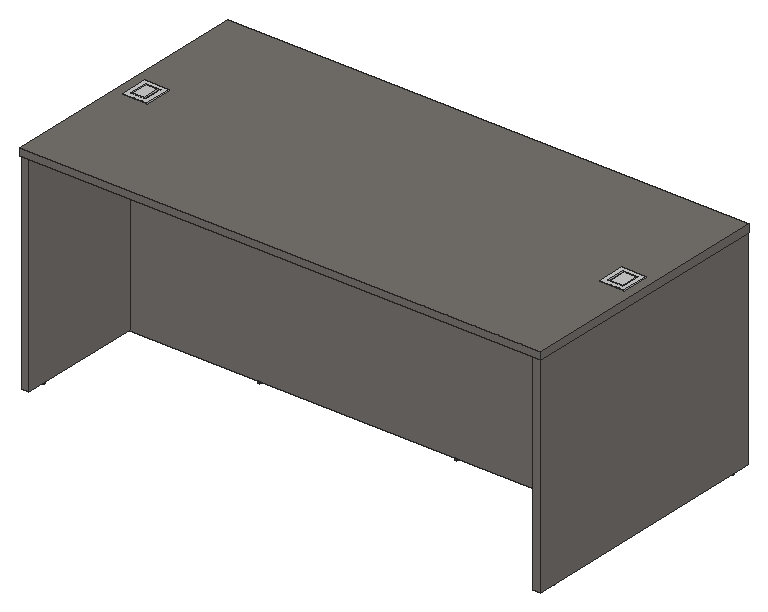
Revit family "revitupgrade", category Furniture, Revit 2019
Family settings
  Work Plane-Based = No
  Always vertical = Yes
  Cut with Voids When Loaded = No
  Shared = No
  Room Calculation Point = No
Parameters (values of type "48D x 40H - Power Cutout")
  Without Through 24'' D = no
  Width = 96.00"
  URL = "https://www.steelcase.com"
  Trough Void = 45.00"
  Top [instance] = Steelcase - 25L6 Blackwood LPL
  Symbol Name = "TS4TLP40A1,TS4TLP40A2,TS4TLP40A3,TS4TLP40A4"
  Style Number(s) = "TS4TLP40"
  Release Date = "April 2018"  # constant formula
  Product Line = "Turnstone"  # constant formula
  Product = "Campfire"  # constant formula
  Power Cutout = yes
  Opaque [instance] = yes
  Manufacturer = "Steelcase"  # constant formula
  With Trough = not(Trough Void = 45.00")  # no
  Height = 40.27"
  End Panel [instance] = Steelcase - 25L6 Blackwood LPL
  Description = ""
  Depth = 48.00"
  Copyright = "© 2010 Steelcase Inc."  # constant formula
  Center Rail = no
  Center Panel Height = 38.29"
  Without Trough 48'' D = yes
  Modesty Panel [instance] = Steelcase - 25L6 Blackwood LPL
  Center Panel Dist = 23.69495"
  AutoCAD Tag = "48/96"
  Authoring Version = "Revit 2016"  # constant formula
  Assembly Code = "E2020200"
Types (10): name | Without Through 24'' D | Trough Void | Symbol Name | Style Number(s) | Power Cutout | With Trough | Height | Depth | Center Rail | Center Panel Height | Without Trough 48'' D | Center Panel Dist | AutoCAD Tag
  48D x 40H - Power Cutout | no | 45.00" | "TS4TLP40A1,TS4TLP40A2,TS4TLP40A3,TS4TLP40A4" | "TS4TLP40" | yes | no | 40.27" | 48.00" | no | 38.29" | yes | 23.69495" | "48/96"
  48D x 28H - Power Cutout | no | 45.00" | "TS4TLP28A1,TS4TLP28A2,TS4TLP28A3,TS4TLP28A4" | "TS4TLP28" | yes | no | 28.00" | 48.00" | no | 26.29" | yes | 23.69495" | "48/96"
  24D x 40H | yes | 45.00" | "TS4TLH40A1,TS4TLH40A2,TS4TLH40A3,TS4TLH40A4" | "TS4TLH40" | no | no | 40.27" | 24.00" | no | 38.55" | no | 0.00" | "24/96"
  24D x 28H | yes | 45.00" | "TS4TLH28A1,TS4TLH28A2,TS4TLH28A3,TS4TLH28A4" | "TS4TLH28" | no | no | 28.00" | 24.00" | no | 26.29" | no | 0.00" | "24/96"
  48D x 28H - Through/Center Rail | no | 23.95" | "TS4TLT28A5,TS4TLT28A6,TS4TLT28A7,TS4TLT28A8" | "TS4TLT28" | yes | yes | 28.00" | 48.00" | yes | 26.29" | no | 23.69495" | "48/96"
  48D x 40H - Through/Center Rail | no | 35.95" | "TS4TLT40A5,TS4TLT40A6,TS4TLT40A7,TS4TLT40A8" | "TS4TLT40" | yes | yes | 40.00" | 48.3899" | yes | 38.29" | no | 23.69495" | "48/96"
  48D x 28H | no | 45.00" | "TS4TL2,TS4TL28A2,TS4TL28A3,TS4TL28A4" | "TS4TL28" | no | no | 28.00" | 48.00" | no | 26.29" | yes | 23.69495" | "48/96"
  48D x 28H - Through | no | 23.95" | "TS4TT2,TS4TLT28A2,TS4TLT28A3,TS4TLT28A4" | "TS4TLT28" | yes | yes | 28.00" | 48.00" | no | 26.29" | no | 23.69495" | "48/96"
  48D x 40H - Through | no | 35.95" | "TS4TT4,TS4TLT40A2,TS4TLT40A3,TS4TLT40A4" | "TS4TLT40" | yes | yes | 40.00" | 48.3899" | no | 38.29" | no | 23.69495" | "48/96"
  48D x 40H | no | 45.00" | "TS4TL4,TS4TL40A2,TS4TL40A3,TS4TL40A4" | "TS4TL40" | no | no | 40.27" | 48.00" | no | 38.56" | yes | 23.69495" | "48/96"
Reference planes (in)
  plane 1 "Center Front/Back": y = 0
  plane 2 "Bottom": z = 0
  plane 3 "Center Left/Right": x = 0
  plane 4: x = 96
  plane 5: z = 40.27
  plane 6: z = 38.8798
  plane 7: z = 0.3189
  plane 8: x = 1.5152
  plane 9: x = 0.125
  plane 10: x = 95.875
  plane 11: x = 94.4848
  plane 12: y = -0.125
  plane 13: y = -47.875
  plane 14: y = -48
  plane 15: y = -23.69495
  plane 16: y = -24.69495
  plane 17: y = -26.657
  plane 18: y = -27.657
  plane 19: y = -27.577
  plane 20: x = 85.4427
  plane 21: x = 73.4427
  plane 22: x = 64.4809
  plane 23: x = 52.4809
  plane 24: x = 43.5191
  plane 25: x = 31.5191
  plane 26: x = 22.5573
  plane 27: x = 10.5573
  plane 28: z = 37.3798
  plane 29: z = 38.7998
  plane 30: y = -21.343
  plane 31: y = -20.343
  plane 32: y = -20.423
  plane 33: z = 40.37
  plane 34: y = -21
  plane 35: y = -27
  plane 36: x = 7.89999
  plane 37: x = 88.10001
  plane 38: x = 7.99999
  plane 39: y = -26.98
  plane 40: y = -21.02
  plane 41: z = 39.97
  plane 42: z = 38.6089
  plane 43: z = 35.95
  plane 44: z = 36.065
  plane 45: z = 38.7598
  plane 46: y = -2.5
Forms (in)
  Extrusion 1, solid, material "Steelcase - 25L6 Blackwood LPL" <- "Top"
    sketch origin (0, 0, 0) x (1, 0, 0) y (0, 1, 0)
      loop
        line (0, -0.125) -> (0, -48) -> (96, -48) -> (96, -0.125) -> (0, -0.125)
    from 38.8798 to 40.27
  Extrusion 2, solid, material "Steelcase - 25L6 Blackwood LPL" <- "End Panel"
    sketch origin (0, 0, 0) x (1, 0, 0) y (0, 0, 1)
      loop
        line (0.125, 38.8798) -> (0.125, 0.3189) -> (1.5152, 0.3189) -> (1.5152, 38.8798) -> (0.125, 38.8798)
      loop
        line (94.4848, 38.8798) -> (94.4848, 0.3189) -> (95.875, 0.3189) -> (95.875, 38.8798) -> (94.4848, 38.8798)
    from 0 to 47.875
  Extrusion 3, solid, material "Steelcase - 6205 Black"
    sketch origin (0, 0, 0) x (1, 0, 0) y (0, 1, 0)
      loop
        line (1.01755, -2.625) -> (0.62255, -2.625) -> (0.2427, -3.125) -> (0.62255, -3.625) -> (1.01755, -3.625) -> (1.3974, -3.125) -> (1.01755, -2.625)
      loop
        line (1.01755, -43.62513) -> (0.62255, -43.62513) -> (0.2427, -44.12513) -> (0.62255, -44.62513) -> (1.01755, -44.62513) -> (1.3974, -44.12513) -> (1.01755, -43.62513)
      loop
        line (95.37745, -2.625) -> (94.98245, -2.625) -> (94.6026, -3.125) -> (94.98245, -3.625) -> (95.37745, -3.625) -> (95.7573, -3.125) -> (95.37745, -2.625)
      loop
        line (95.37745, -43.87487) -> (94.98245, -43.87487) -> (94.6026, -44.37487) -> (94.98245, -44.87487) -> (95.37745, -44.87487) -> (95.7573, -44.37487) -> (95.37745, -43.87487)
      loop
        line (25.55266, -23.69495) -> (25.19554, -23.69495) -> (24.79675, -24.21989) -> (25.15766, -24.69495) -> (25.59054, -24.69495) -> (25.95145, -24.21989) -> (25.55266, -23.69495)
      loop
        line (61.48554, -23.69495) -> (61.08675, -24.21989) -> (61.44766, -24.69495) -> (61.88054, -24.69495) -> (62.24145, -24.21989) -> (61.84266, -23.69495) -> (61.48554, -23.69495)
    from 0 to 0.32
  Extrusion 4, solid, material "Steelcase - 4799 Platinum Metallic", visible <- "Without Trough 48'' D"
    sketch origin (0, 0, 0) x (1, 0, 0) y (0, 0, 1)
      loop
        line (10.5573, 37.3798) -> (22.5573, 37.3798) -> (22.5573, 38.8798) -> (10.5573, 38.8798) -> (10.5573, 37.3798)
      loop
        line (31.5191, 37.3798) -> (43.5191, 37.3798) -> (43.5191, 38.8798) -> (31.5191, 38.8798) -> (31.5191, 37.3798)
      loop
        line (52.4809, 37.3798) -> (64.4809, 37.3798) -> (64.4809, 38.8798) -> (52.4809, 38.8798) -> (52.4809, 37.3798)
      loop
        line (73.4427, 37.3798) -> (85.4427, 37.3798) -> (85.4427, 38.8798) -> (73.4427, 38.8798) -> (73.4427, 37.3798)
    from 27.577 to 27.657
  Extrusion 5, solid, material "Steelcase - 4799 Platinum Metallic", visible <- "Without Trough 48'' D"
    sketch origin (0, 0, 0) x (1, 0, 0) y (0, 1, 0)
      loop
        line (10.5573, -26.657) -> (10.5573, -27.577) -> (22.5573, -27.577) -> (22.5573, -26.657) -> (10.5573, -26.657)
      loop
        line (31.5191, -26.657) -> (31.5191, -27.577) -> (43.5191, -27.577) -> (43.5191, -26.657) -> (31.5191, -26.657)
      loop
        line (52.4809, -26.657) -> (52.4809, -27.577) -> (64.4809, -27.577) -> (64.4809, -26.657) -> (52.4809, -26.657)
      loop
        line (73.4427, -26.657) -> (73.4427, -27.577) -> (85.4427, -27.577) -> (85.4427, -26.657) -> (73.4427, -26.657)
    from 38.7998 to 38.8798
  Extrusion 6, solid, material "Steelcase - 4799 Platinum Metallic", visible <- "Without Trough 48'' D"
    sketch origin (0, -48, 0) x (1, 0, 0) y (0, 1, 0)
      loop
        line (10.5573, 26.657) -> (22.5573, 26.657) -> (22.5573, 27.577) -> (10.5573, 27.577) -> (10.5573, 26.657)
      loop
        line (31.5191, 26.657) -> (43.5191, 26.657) -> (43.5191, 27.577) -> (31.5191, 27.577) -> (31.5191, 26.657)
      loop
        line (52.4809, 26.657) -> (64.4809, 26.657) -> (64.4809, 27.577) -> (52.4809, 27.577) -> (52.4809, 26.657)
      loop
        line (73.4427, 26.657) -> (85.4427, 26.657) -> (85.4427, 27.577) -> (73.4427, 27.577) -> (73.4427, 26.657)
    from 38.7998 to 38.8798
  Extrusion 7, solid, material "Steelcase - 4799 Platinum Metallic", visible <- "Without Trough 48'' D"
    sketch origin (0, -47.99716, -4.5) x (1, 0, 0) y (0, 0, -1)
      loop
        line (10.5573, -41.8798) -> (10.5573, -43.3798) -> (22.5573, -43.3798) -> (22.5573, -41.8798) -> (10.5573, -41.8798)
      loop
        line (31.5191, -41.8798) -> (31.5191, -43.3798) -> (43.5191, -43.3798) -> (43.5191, -41.8798) -> (31.5191, -41.8798)
      loop
        line (52.4809, -41.8798) -> (52.4809, -43.3798) -> (64.4809, -43.3798) -> (64.4809, -41.8798) -> (52.4809, -41.8798)
      loop
        line (73.4427, -41.8798) -> (73.4427, -43.3798) -> (85.4427, -43.3798) -> (85.4427, -41.8798) -> (73.4427, -41.8798)
    from 27.57416 to 27.65416
  Extrusion 8, void, detail levels fine
    sketch origin (0, 0, 0) x (1, 0, 0) y (0, 1, 0)
      loop
        line (0, -21) -> (0, -27) -> (96, -27) -> (96, -21) -> (0, -21)
    from 45 <- "Trough Void" to 40.27
  Extrusion 9, solid, material "Steelcase - 4799 Platinum Metallic", visible <- "With Trough"
    sketch origin (88.10001, -20.02, 48) x (0, -1, 0) y (0, 0, 1)
      loop
        line (-1.02, -12.05) -> (8.98, -12.05) -> (8.98, -9.2402) -> (9.98, -9.2402) -> (9.98, -9.1202) -> (8.865, -9.1202) -> (8.865, -11.935) -> (-0.905, -11.935) -> (-0.905, -9.1202) -> (-2.02, -9.1202) -> (-2.02, -9.2402) -> (-1.02, -9.2402) -> (-1.02, -12.05)
    from 0 to 80.20001
  Extrusion 10, solid, material "Steelcase - 8043 Clear Anodized Aluminum", visible <- "With Trough"
    sketch origin (0, 0, 0) x (1, 0, 0) y (0, 1, 0)
      loop
        line (0, -21.02) -> (0, -26.98) -> (7.99999, -26.98) -> (7.99999, -21.02) -> (0, -21.02)
      loop
        line (1.8, -21.5) -> (1.8, -26.5) -> (6.22, -26.5) -> (6.22, -21.5) -> (1.8, -21.5)
      loop
        line (96, -21.02) -> (88.00001, -21.02) -> (88.00001, -26.98) -> (96, -26.98) -> (96, -21.02)
      loop
        line (94.2, -21.5) -> (89.78, -21.5) -> (89.78, -26.5) -> (94.2, -26.5) -> (94.2, -21.5)
    from 38.8798 to 40.27
  Extrusion 11, solid, material "Steelcase - 8043 Clear Anodized Aluminum", visible <- "Power Cutout"
    sketch origin (0, 0, 0) x (1, 0, 0) y (0, 1, 0)
      loop
        line (1.8, -21.5) -> (1.8, -26.5) -> (6.22, -26.5) -> (6.22, -21.5) -> (1.8, -21.5)
      loop
        line (2.60001, -22.3) -> (2.60001, -25.7) -> (5.41999, -25.7) -> (5.41999, -22.3) -> (2.60001, -22.3)
      loop
        line (2.74999, -22.35) -> (2.74999, -25.65) -> (4.92, -25.65) -> (4.92, -22.35) -> (2.74999, -22.35)
      loop
        line (94.19999, -21.5) -> (89.77999, -21.5) -> (89.77999, -26.5) -> (94.19999, -26.5) -> (94.19999, -21.5)
      loop
        line (93.39998, -22.3) -> (90.58, -22.3) -> (90.58, -25.7) -> (93.39998, -25.7) -> (93.39998, -22.3)
      loop
        line (93.25, -22.35) -> (91.07999, -22.35) -> (91.07999, -25.65) -> (93.25, -25.65) -> (93.25, -22.35)
    from 39.97 to 40.37
  Extrusion 12, solid, material "Steelcase - 25L6 Blackwood LPL" <- "Modesty Panel"
    sketch origin (0, 0, 0) x (1, 0, 0) y (0, 1, 0)
      loop
        line (1.5152, -23.69495) -> (1.5152, -24.69495) -> (94.4848, -24.69495) -> (94.4848, -23.69495) -> (1.5152, -23.69495)
    from 0.3189 to 38.6089
  Extrusion 13, solid, material "Steelcase - 8043 Clear Anodized Aluminum", visible <- "With Trough"
    sketch origin (0, 0, 0) x (1, 0, 0) y (0, 1, 0)
      loop
        line (7.89999, -21.02) -> (7.89999, -26.98) -> (7.99999, -26.98) -> (7.99999, -21.02) -> (7.89999, -21.02)
      loop
        line (88.00001, -21) -> (88.00001, -27) -> (88.10001, -27) -> (88.10001, -21) -> (88.00001, -21)
    from 35.95 to 38.8798
  Extrusion 14, solid, material "Steelcase - 4799 Platinum Metallic", visible <- "Without Through 24'' D"
    sketch origin (0, 0, 0) x (1, 0, 0) y (0, 1, 0)
      loop
        line (10.5573, -2.5) -> (10.5573, -3.5499) -> (22.5573, -3.5499) -> (22.5573, -2.5) -> (10.5573, -2.5)
    from 38.7998 to 38.8798
  Extrusion 15, solid, material "Steelcase - 4799 Platinum Metallic", visible <- "Without Through 24'' D"
    sketch origin (0, 0, 0) x (0, 1, 0) y (0, 0, 1)
      loop
        line (-3.5499, 38.8798) -> (-3.60399, 38.8798) -> (-3.60399, 37.3798) -> (-3.5499, 37.3798) -> (-3.5499, 38.8798)
    from 10.5573 to 22.5573
  Extrusion 16, solid, material "Steelcase - 4799 Platinum Metallic", visible <- "Without Through 24'' D"
    sketch origin (20.9618, 0, 0) x (1, 0, 0) y (0, 1, 0)
      loop
        line (10.5573, -2.5) -> (10.5573, -3.5499) -> (22.5573, -3.5499) -> (22.5573, -2.5) -> (10.5573, -2.5)
    from 38.7998 to 38.6089
  Extrusion 17, solid, material "Steelcase - 4799 Platinum Metallic", visible <- "Without Through 24'' D"
    sketch origin (41.9236, 0, 0) x (1, 0, 0) y (0, 1, 0)
      loop
        line (10.5573, -2.5) -> (10.5573, -3.5499) -> (22.5573, -3.5499) -> (22.5573, -2.5) -> (10.5573, -2.5)
    from 38.7998 to 38.6089
  Extrusion 18, solid, material "Steelcase - 4799 Platinum Metallic", visible <- "Without Through 24'' D"
    sketch origin (62.8854, 0, 0) x (1, 0, 0) y (0, 1, 0)
      loop
        line (10.5573, -2.5) -> (10.5573, -3.5499) -> (22.5573, -3.5499) -> (22.5573, -2.5) -> (10.5573, -2.5)
    from 38.7998 to 38.6089
  Extrusion 19, solid, material "Steelcase - 4799 Platinum Metallic", visible <- "Without Through 24'' D"
    sketch origin (0, 0, 0) x (0, 1, 0) y (0, 0, 1)
      loop
        line (-3.5499, 38.8798) -> (-3.60399, 38.8798) -> (-3.60399, 37.3798) -> (-3.5499, 37.3798) -> (-3.5499, 38.8798)
    from 31.5191 to 43.5191
  Extrusion 20, solid, material "Steelcase - 4799 Platinum Metallic", visible <- "Without Through 24'' D"
    sketch origin (0, 0, 0) x (0, 1, 0) y (0, 0, 1)
      loop
        line (-3.5499, 38.8798) -> (-3.60399, 38.8798) -> (-3.60399, 37.3798) -> (-3.5499, 37.3798) -> (-3.5499, 38.8798)
    from 52.4809 to 64.4809
  Extrusion 21, solid, material "Steelcase - 4799 Platinum Metallic", visible <- "Without Through 24'' D"
    sketch origin (0, 0, 0) x (0, 1, 0) y (0, 0, 1)
      loop
        line (-3.5499, 38.8798) -> (-3.60399, 38.8798) -> (-3.60399, 37.3798) -> (-3.5499, 37.3798) -> (-3.5499, 38.8798)
    from 73.4427 to 85.4427
Cuts and joins
  Extrusion 8 cuts Extrusion 3
  Extrusion 8 cuts Extrusion 1
  joined: Extrusion 10, Extrusion 13
  Extrusion 8 cuts Extrusion 12
Lines and regions (in)
  Masking region 1, visible <- "Opaque"
    outline origin (0, 0, 0) x (1, 0, 0) y (0, 1, 0)
      loop
        line (96, 0) -> (0, 0) -> (0, -48) -> (96, -48) -> (96, 0)
  symbolic lines, style "Steelcase Hidden Lines", detail levels medium+fine
    curve 1: line (1.5152, -0.125, 0) -> (1.5152, -47.875, 0)
    curve 2: line (0.125, -47.875, 0) -> (0.125, -0.125, 0)
    curve 3: line (0.125, -0.125, 0) -> (1.5152, -0.125, 0)
    curve 4: line (1.5152, -47.875, 0) -> (0.125, -47.875, 0)
    curve 5: line (94.4848, 0, 0) -> (1.5152, 0, 0)
    curve 6: line (94.4848, -47.875, 0) -> (94.4848, -0.125, 0)
    curve 7: line (95.875, -0.125, 0) -> (95.875, -47.875, 0)
    curve 8: line (95.875, -47.875, 0) -> (94.4848, -47.875, 0)
    curve 9: line (94.4848, -0.125, 0) -> (95.875, -0.125, 0)
  symbolic lines, style "Steelcase Furniture", visible <- "With Trough", detail levels medium+fine
    curve 10: line (0, -21, 0) -> (96, -21, 0)
    curve 11: line (0, -27, 0) -> (96, -27, 0)
    curve 12: line (8, -21.02, 0) -> (0, -21.02, 0)
    curve 13: line (8, -26.98, 0) -> (8, -21.02, 0)
    curve 14: line (0, -26.98, 0) -> (8, -26.98, 0)
    curve 15: line (88, -21.02, 0) -> (88, -26.98, 0)
    curve 16: line (96, -21.02, 0) -> (88, -21.02, 0)
    curve 17: line (88, -26.98, 0) -> (96, -26.98, 0)
  symbolic lines, style "Steelcase Hidden Lines", visible <- "Without Trough 48'' D", detail levels medium+fine
    curve 18: line (31.5191, -27.657, 0) -> (43.5191, -27.657, 0)
    curve 19: line (43.5191, -26.657, 0) -> (31.5191, -26.657, 0)
    curve 20: line (31.5191, -26.657, 0) -> (31.5191, -27.657, 0)
    curve 21: line (43.5191, -27.657, 0) -> (43.5191, -26.657, 0)
    curve 22: line (10.5573, -27.657, 0) -> (22.5573, -27.657, 0)
    curve 23: line (22.5573, -26.657, 0) -> (10.5573, -26.657, 0)
    curve 24: line (10.5573, -26.657, 0) -> (10.5573, -27.657, 0)
    curve 25: line (22.5573, -27.657, 0) -> (22.5573, -26.657, 0)
    curve 26: line (10.5573, -21.343, 0) -> (22.5573, -21.343, 0)
    curve 27: line (22.5573, -20.343, 0) -> (10.5573, -20.343, 0)
    curve 28: line (10.5573, -20.343, 0) -> (10.5573, -21.343, 0)
    curve 29: line (22.5573, -21.343, 0) -> (22.5573, -20.343, 0)
    curve 30: line (31.5191, -21.343, 0) -> (43.5191, -21.343, 0)
    curve 31: line (43.5191, -20.343, 0) -> (31.5191, -20.343, 0)
    curve 32: line (31.5191, -20.343, 0) -> (31.5191, -21.343, 0)
    curve 33: line (43.5191, -21.343, 0) -> (43.5191, -20.343, 0)
    curve 34: line (52.4809, -21.343, 0) -> (64.4809, -21.343, 0)
    curve 35: line (64.4809, -20.343, 0) -> (52.4809, -20.343, 0)
    curve 36: line (52.4809, -20.343, 0) -> (52.4809, -21.343, 0)
    curve 37: line (64.4809, -21.343, 0) -> (64.4809, -20.343, 0)
    curve 38: line (52.4809, -27.657, 0) -> (64.4809, -27.657, 0)
    curve 39: line (64.4809, -26.657, 0) -> (52.4809, -26.657, 0)
    curve 40: line (52.4809, -26.657, 0) -> (52.4809, -27.657, 0)
    curve 41: line (64.4809, -27.657, 0) -> (64.4809, -26.657, 0)
    curve 42: line (73.4427, -21.343, 0) -> (85.4427, -21.343, 0)
    curve 43: line (85.4427, -20.343, 0) -> (73.4427, -20.343, 0)
    curve 44: line (73.4427, -20.343, 0) -> (73.4427, -21.343, 0)
    curve 45: line (85.4427, -21.343, 0) -> (85.4427, -20.343, 0)
    curve 46: line (73.4427, -27.657, 0) -> (85.4427, -27.657, 0)
    curve 47: line (85.4427, -26.657, 0) -> (73.4427, -26.657, 0)
    curve 48: line (73.4427, -26.657, 0) -> (73.4427, -27.657, 0)
    curve 49: line (85.4427, -27.657, 0) -> (85.4427, -26.657, 0)
  symbolic lines, style "Steelcase Furniture"
    curve 50: line (0, 0, 0) -> (96, 0, 0)
    curve 51: line (0, -48, 0) -> (0, 0, 0)
    curve 52: line (96, -48, 0) -> (0, -48, 0)
    curve 53: line (96, 0, 0) -> (96, -48, 0)
  symbolic lines, style "Steelcase Hidden Lines", visible <- "Without Through 24'' D"
    curve 54: line (10.5573, -2.5, 0) -> (10.5573, -3.60399, 0)
    curve 55: line (10.5573, -3.60399, 0) -> (22.5573, -3.60399, 0)
    curve 56: line (22.5573, -2.5, 0) -> (10.5573, -2.5, 0)
    curve 57: line (22.5573, -3.60399, 0) -> (22.5573, -2.5, 0)
    curve 58: line (31.5191, -2.5, 0) -> (31.5191, -3.60399, 0)
    curve 59: line (31.5191, -3.60399, 0) -> (43.5191, -3.60399, 0)
    curve 60: line (43.5191, -2.5, 0) -> (31.5191, -2.5, 0)
    curve 61: line (43.5191, -3.60399, 0) -> (43.5191, -2.5, 0)
    curve 62: line (64.4809, -3.60399, 0) -> (64.4809, -2.5, 0)
    curve 63: line (64.4809, -2.5, 0) -> (52.4809, -2.5, 0)
    curve 64: line (52.4809, -3.60399, 0) -> (64.4809, -3.60399, 0)
    curve 65: line (52.4809, -2.5, 0) -> (52.4809, -3.60399, 0)
    curve 66: line (73.4427, -2.5, 0) -> (73.4427, -3.60399, 0)
    curve 67: line (85.4427, -2.5, 0) -> (73.4427, -2.5, 0)
    curve 68: line (85.4427, -3.60399, 0) -> (85.4427, -2.5, 0)
    curve 69: line (73.4427, -3.60399, 0) -> (85.4427, -3.60399, 0)
  symbolic lines, style "Steelcase Furniture", visible <- "Power Cutout"
    curve 70: line (1.8, -21.5, 0) -> (6.22, -21.5, 0)
    curve 71: line (1.8, -26.5, 0) -> (1.8, -21.5, 0)
    curve 72: line (6.22, -26.5, 0) -> (1.8, -26.5, 0)
    curve 73: line (6.22, -21.5, 0) -> (6.22, -26.5, 0)
    curve 74: line (89.78, -21.5, 0) -> (94.19999, -21.5, 0)
    curve 75: line (89.78, -26.5, 0) -> (89.78, -21.5, 0)
    curve 76: line (94.19999, -26.5, 0) -> (89.78, -26.5, 0)
    curve 77: line (94.19999, -21.5, 0) -> (94.19999, -26.5, 0)
  symbolic lines, style "Steelcase Hidden Lines"
    curve 78: line (94.4848, -24.69495, 0) -> (1.5152, -24.69495, 0)
    curve 79: line (94.4848, -23.69495, 0) -> (94.4848, -24.69495, 0)
    curve 80: line (1.5152, -23.69495, 0) -> (94.4848, -23.69495, 0)
    curve 81: line (1.5152, -24.69495, 0) -> (1.5152, -23.69495, 0)
Dimensions and locks (in)
  plane 3 "Center Left/Right" to plane 9 to plane 8 = 0.125" locked, 1.3902" locked
  plane 11 to plane 10 to plane 4 = 1.3902" locked, 0.125" locked
  locked: plane 12 to plane 1 "Center Front/Back" at 0.125
  locked: plane 14 to plane 13 at 0.125
  plane 30 to plane 32 to plane 31 = 0.92" locked, 0.08" locked
  plane 17 to plane 19 to plane 18 = 0.92" locked, 0.08" locked
  "Center Panel Height": plane 42 to plane 7
  "Height": plane 5 to plane 2 "Bottom"
  locked: plane 7 to plane 2 "Bottom" at 0.3189
  plane 33 to plane 5 to plane 41 to plane 6 to plane 29 to plane 45 to plane 28 to plane 44 to plane 43 = 0.10" locked, 0.30" locked, 1.0902" locked, 0.08" locked, 0.04" locked, 1.38" locked, 1.3148" locked, 0.115"
  "Width": plane 3 "Center Left/Right" to plane 4
  "Depth": plane 14 to plane 1 "Center Front/Back"
  locked: plane 15 to plane 16 at 1
  "Center Panel Dist": plane 1 "Center Front/Back" to plane 15
  plane 46 to plane 1 "Center Front/Back" = 2.50"
  aligned and locked: level to plane 2 "Bottom"
  aligned and locked: plane 5 to Extrusion 1
  aligned and locked: Extrusion 1 to plane 6
  aligned and locked: Extrusion 2 to plane 1 "Center Front/Back"
  aligned and locked: Extrusion 1 to plane 12
  aligned and locked: plane 13 to Extrusion 2
  aligned and locked: plane 14 to Extrusion 1
  aligned and locked: Extrusion 3 to plane 2 "Bottom"
  aligned and locked: Extrusion 4 to plane 18
  aligned and locked: plane 19 to Extrusion 4
  aligned and locked: plane 29 to Extrusion 5
  aligned and locked: plane 6 to Extrusion 5
  aligned and locked: Extrusion 6 to plane 32  (x4)
  aligned and locked: Extrusion 7 to plane 31
  aligned and locked: Extrusion 7 to plane 32
  aligned and locked: plane 30 to Extrusion 6  (x2)
  aligned and locked: Extrusion 6 to plane 30  (x2)
  aligned and locked: plane 6 to Extrusion 7
  aligned and locked: Extrusion 7 to plane 28
  aligned and locked: Extrusion 7 to plane 6  (x3)
  aligned and locked: plane 28 to Extrusion 7  (x3)
  aligned and locked: Extrusion 6 to plane 29
  aligned and locked: Extrusion 6 to plane 6
  aligned and locked: Extrusion 1 to Extrusion 8
  aligned and locked: plane 36 to Extrusion 9
  aligned and locked: Extrusion 10 to plane 5
  aligned and locked: Extrusion 10 to plane 6
  aligned and locked: plane 33 to Extrusion 11
  aligned and locked: Extrusion 11 to plane 41
  aligned and locked: plane 8 to Extrusion 12
  aligned and locked: Extrusion 12 to plane 11
  aligned and locked: Extrusion 12 to plane 7
  aligned and locked: Extrusion 12 to plane 42
  aligned and locked: plane 38 to Extrusion 13 sketch curve
  aligned and locked: Extrusion 13 sketch curve to plane 36
  aligned and locked: plane 40 to Extrusion 13 sketch curve
  aligned and locked: Extrusion 13 sketch curve to plane 39
  aligned and locked: plane 43 to Extrusion 13
  aligned and locked: plane 6 to Extrusion 13
  aligned and locked: Masking region 1 sketch curve to plane 1 "Center Front/Back"
  aligned and locked: plane 14 to Masking region 1 sketch curve
  aligned and locked: Masking region 1 sketch curve to plane 3 "Center Left/Right"
  aligned and locked: Masking region 1 sketch curve to plane 4
  aligned and locked: plane 15 to Extrusion 12
  aligned and locked: Extrusion 12 to plane 16
  aligned and locked: Extrusion 12 sketch curve to plane 15
  aligned and locked: plane 16 to Extrusion 12 sketch curve
  aligned and locked: plane 44 to nested 1
  aligned and locked: Extrusion 14 to cut or joined group of Extrusion 1, Extrusion 8
  aligned and locked: Extrusion 14 to plane 29
  aligned and locked: cut or joined group of Extrusion 1, Extrusion 8 to Extrusion 15 sketch curve
  aligned and locked: plane 28 to Extrusion 15 sketch curve
  aligned and locked: Extrusion 15 to Extrusion 14
  aligned and locked: Extrusion 15 to plane 27
  aligned and locked: plane 26 to Extrusion 15
  aligned and locked: Extrusion 16 to plane 29
  aligned and locked: Extrusion 17 to plane 29
  aligned and locked: Extrusion 18 to plane 29
  aligned and locked: Extrusion 16 to plane 42
  aligned and locked: Extrusion 17 to plane 42
  aligned and locked: Extrusion 18 to plane 42
  aligned and locked: curve 54 to Extrusion 14
  aligned and locked: curve 55 to Extrusion 15
  aligned and locked: curve 56 to Extrusion 14
  aligned and locked: curve 57 to Extrusion 14
  aligned and locked: curve 58 to Extrusion 16
  aligned and locked: curve 59 to Extrusion 19
  aligned and locked: curve 60 to Extrusion 16
  aligned and locked: curve 61 to Extrusion 16
  aligned and locked: curve 62 to Extrusion 17
  aligned and locked: curve 63 to Extrusion 17
  aligned and locked: curve 64 to Extrusion 20
  aligned and locked: curve 65 to Extrusion 17
  aligned and locked: curve 66 to Extrusion 18
  aligned and locked: curve 67 to Extrusion 18
  aligned and locked: curve 68 to Extrusion 18
  aligned and locked: curve 69 to Extrusion 21
  aligned and locked: Extrusion 3 sketch curve to plane 15
  aligned and locked: Extrusion 3 sketch curve to plane 16
  aligned and locked: curve 70 to Extrusion 11
  aligned and locked: curve 71 to Extrusion 11
  aligned and locked: curve 72 to Extrusion 11
  aligned and locked: curve 73 to Extrusion 11
  aligned and locked: curve 74 to cut or joined group of Extrusion 10, Extrusion 13
  aligned and locked: curve 75 to cut or joined group of Extrusion 10, Extrusion 13
  aligned and locked: curve 76 to Extrusion 11
  aligned and locked: curve 77 to Extrusion 11
  aligned and locked: curve 78 to cut or joined group of Extrusion 8, Extrusion 12
  aligned and locked: curve 79 to curve 6
  aligned and locked: curve 80 to plane 15
Automatic sketch dimensions
  Extrusion 1 sketch curve to plane 3 "Center Left/Right" = 0.00"
  Extrusion 1 sketch curve to plane 4 = 0.00"
  plane 14 to Extrusion 1 sketch curve = 0.00"
  plane 12 to Extrusion 1 sketch curve = 0.00"
  Extrusion 2 sketch curve to plane 7 = 0.00"  (x2)
  plane 9 to Extrusion 2 sketch curve = 0.00"
  plane 8 to Extrusion 2 sketch curve = 0.00"
  Extrusion 2 sketch curve to plane 6 = 0.00"  (x2)
  plane 11 to Extrusion 2 sketch curve = 0.00"
  plane 10 to Extrusion 2 sketch curve = 0.00"
  Extrusion 4 sketch curve to plane 6 = 0.00"  (x4)
  plane 27 to Extrusion 4 sketch curve = 0.00"
  plane 26 to Extrusion 4 sketch curve = 0.00"
  plane 25 to Extrusion 4 sketch curve = 0.00"
  plane 24 to Extrusion 4 sketch curve = 0.00"
  plane 23 to Extrusion 4 sketch curve = 0.00"
  plane 22 to Extrusion 4 sketch curve = 0.00"
  plane 21 to Extrusion 4 sketch curve = 0.00"
  plane 20 to Extrusion 4 sketch curve = 0.00"
  Extrusion 4 sketch curve to plane 28 = 0.00"  (x4)
  Extrusion 5 sketch curve to plane 19 = 0.00"  (x4)
  Extrusion 5 sketch curve to plane 27 = 0.00"
  Extrusion 5 sketch curve to plane 26 = 0.00"
  Extrusion 5 sketch curve to plane 17 = 0.00"  (x4)
  Extrusion 5 sketch curve to plane 25 = 0.00"
  Extrusion 5 sketch curve to plane 24 = 0.00"
  Extrusion 5 sketch curve to plane 23 = 0.00"
  Extrusion 5 sketch curve to plane 22 = 0.00"
  Extrusion 5 sketch curve to plane 21 = 0.00"
  Extrusion 5 sketch curve to plane 20 = 0.00"
  Extrusion 6 sketch curve to plane 27 = 0.00"
  Extrusion 6 sketch curve to plane 26 = 0.00"
  Extrusion 6 sketch curve to plane 25 = 0.00"
  Extrusion 6 sketch curve to plane 24 = 0.00"
  Extrusion 6 sketch curve to plane 23 = 0.00"
  Extrusion 6 sketch curve to plane 22 = 0.00"
  Extrusion 6 sketch curve to plane 21 = 0.00"
  Extrusion 6 sketch curve to plane 20 = 0.00"
  plane 32 to Extrusion 6 sketch curve = 0.00"  (x3)
  Extrusion 6 sketch curve to plane 32 = 0.00"
  plane 30 to Extrusion 6 sketch curve = 0.00"  (x4)
  Extrusion 7 sketch curve to plane 6 = 0.00"  (x4)
  plane 27 to Extrusion 7 sketch curve = 0.00"
  plane 26 to Extrusion 7 sketch curve = 0.00"
  plane 25 to Extrusion 7 sketch curve = 0.00"
  plane 24 to Extrusion 7 sketch curve = 0.00"
  plane 23 to Extrusion 7 sketch curve = 0.00"
  plane 22 to Extrusion 7 sketch curve = 0.00"
  plane 21 to Extrusion 7 sketch curve = 0.00"
  plane 20 to Extrusion 7 sketch curve = 0.00"
  Extrusion 7 sketch curve to plane 28 = 0.00"  (x4)
  Extrusion 8 sketch curve to plane 3 "Center Left/Right" = 0.00"
  Extrusion 8 sketch curve to plane 4 = 0.00"
  plane 35 to Extrusion 8 sketch curve = 0.00"
  plane 34 to Extrusion 8 sketch curve = 0.00"
  Extrusion 9 sketch curve to plane 6 = 0.00"  (x2)
  plane 45 to Extrusion 9 sketch curve = 0.00"  (x2)
  plane 43 to Extrusion 9 sketch curve = 0.00"
  plane 44 to Extrusion 9 sketch curve = 0.00"
  Extrusion 9 sketch curve to plane 31 = 2.343"
  Extrusion 9 sketch curve to Extrusion 9 sketch curve = 1.00"  (x2)
  Extrusion 9 sketch curve to Extrusion 9 sketch curve = 0.115"  (x2)
  Extrusion 9 sketch curve to plane 18 = 1.228"
  Extrusion 10 sketch curve to plane 3 "Center Left/Right" = 0.00"
  Extrusion 10 sketch curve to plane 38 = 0.00"
  plane 40 to Extrusion 10 sketch curve = 0.00"  (x2)
  plane 39 to Extrusion 10 sketch curve = 0.00"  (x2)
  Extrusion 10 sketch curve to plane 4 = 0.00"
  Extrusion 10 sketch curve to plane 8 = 0.2848"
  plane 30 to Extrusion 10 sketch curve = 0.157"  (x2)
  plane 36 to Extrusion 10 sketch curve = 1.67999"
  plane 37 to Extrusion 10 sketch curve = 0.10"
  Extrusion 10 sketch curve to plane 37 = 1.67999"
  plane 11 to Extrusion 10 sketch curve = 0.2848"
  plane 17 to Extrusion 10 sketch curve = 0.157"  (x2)
  Extrusion 11 sketch curve to plane 8 = 0.2848"
  Extrusion 11 sketch curve to plane 8 = 1.08481"
  Extrusion 11 sketch curve to Extrusion 11 sketch curve = 0.14999"  (x2)
  plane 17 to Extrusion 11 sketch curve = 1.007"  (x2)
  Extrusion 11 sketch curve to Extrusion 11 sketch curve = 2.17001"
  Extrusion 11 sketch curve to Extrusion 11 sketch curve = 0.49999"  (x2)
  plane 30 to Extrusion 11 sketch curve = 0.157"  (x2)
  Extrusion 11 sketch curve to Extrusion 11 sketch curve = 0.80001"  (x2)
  Extrusion 11 sketch curve to plane 37 = 1.67998"
  plane 11 to Extrusion 11 sketch curve = 1.2348"
  plane 11 to Extrusion 11 sketch curve = 0.28481"
  Extrusion 11 sketch curve to Extrusion 11 sketch curve = 0.05"  (x4)
  plane 17 to Extrusion 11 sketch curve = 0.157"  (x2)
  plane 30 to Extrusion 11 sketch curve = 1.007"  (x2)
  Extrusion 12 sketch curve to plane 8 = 0.00"
  Extrusion 12 sketch curve to plane 11 = 0.00"
  plane 34 to Extrusion 13 sketch curve = 0.00"
  plane 35 to Extrusion 13 sketch curve = 0.00"
  Extrusion 13 sketch curve to plane 37 = 0.00"
  plane 37 to Extrusion 13 sketch curve = 0.10"
  Extrusion 14 sketch curve to plane 27 = 0.00"
  Extrusion 14 sketch curve to plane 26 = 0.00"
  plane 46 to Extrusion 14 sketch curve = 0.00"
  plane 46 to Extrusion 14 sketch curve = 1.0499"
  plane 46 to Extrusion 15 sketch curve = 1.10399"
  Extrusion 15 sketch curve to Extrusion 15 sketch curve = 0.05409"
  Extrusion 16 sketch curve to plane 25 = 0.00"
  Extrusion 16 sketch curve to plane 24 = 0.00"
  plane 46 to Extrusion 16 sketch curve = 0.00"
  Extrusion 16 sketch curve to Extrusion 16 sketch curve = 1.0499"
  Extrusion 17 sketch curve to plane 23 = 0.00"
  Extrusion 17 sketch curve to plane 22 = 0.00"
  plane 46 to Extrusion 17 sketch curve = 0.00"
  Extrusion 17 sketch curve to Extrusion 17 sketch curve = 1.0499"
  Extrusion 18 sketch curve to plane 21 = 0.00"
  Extrusion 18 sketch curve to plane 20 = 0.00"
  plane 46 to Extrusion 18 sketch curve = 0.00"
  Extrusion 18 sketch curve to Extrusion 18 sketch curve = 1.0499"
  plane 6 to Extrusion 19 sketch curve = 0.00"
  Extrusion 19 sketch curve to plane 28 = 0.00"
  plane 46 to Extrusion 19 sketch curve = 1.10399"
  Extrusion 19 sketch curve to Extrusion 19 sketch curve = 0.05409"
  plane 6 to Extrusion 20 sketch curve = 0.00"
  Extrusion 20 sketch curve to plane 28 = 0.00"
  plane 46 to Extrusion 20 sketch curve = 1.10399"
  Extrusion 20 sketch curve to Extrusion 20 sketch curve = 0.05409"
  plane 6 to Extrusion 21 sketch curve = 0.00"
  Extrusion 21 sketch curve to plane 28 = 0.00"
  plane 46 to Extrusion 21 sketch curve = 1.10399"
  Extrusion 21 sketch curve to Extrusion 21 sketch curve = 0.05409"
  Extrusion 3 sketch curve to plane 16 = 0.00"
  Extrusion 3 sketch curve to plane 15 = 0.00"
  Extrusion 3 sketch curve to plane 9 = 0.1177"  (x2)
  plane 46 to Extrusion 3 sketch curve = 0.125"  (x2)
  Extrusion 3 sketch curve to plane 9 = 0.49755"  (x4)
  Extrusion 3 sketch curve to Extrusion 3 sketch curve = 0.395"  (x8)
  plane 8 to Extrusion 3 sketch curve = 0.1178"  (x2)
  plane 16 to Extrusion 3 sketch curve = 0.47506"  (x4)
  Extrusion 3 sketch curve to plane 26 = 2.23945"
  Extrusion 3 sketch curve to Extrusion 3 sketch curve = 0.36091"  (x4)
  Extrusion 3 sketch curve to Extrusion 3 sketch curve = 0.39879"  (x2)
  Extrusion 3 sketch curve to Extrusion 3 sketch curve = 0.35711"  (x2)
  Extrusion 3 sketch curve to Extrusion 3 sketch curve = 0.43289"  (x2)
  plane 22 to Extrusion 3 sketch curve = 3.39415"
  Extrusion 3 sketch curve to plane 11 = 0.1178"  (x2)
  Extrusion 3 sketch curve to plane 11 = 0.49765"  (x4)
  plane 10 to Extrusion 3 sketch curve = 0.1177"  (x2)
  Extrusion 3 sketch curve to plane 13 = 4.24987"
  Extrusion 3 sketch curve to plane 13 = 4.00013"
  Extrusion 3 sketch curve to Extrusion 3 sketch curve = 0.50"  (x6)
  Extrusion 3 sketch curve to Extrusion 3 sketch curve = 1.00"  (x2)
  plane 46 to Extrusion 3 sketch curve = 0.625"  (x4)
  curve 11 to plane 3 "Center Left/Right" = 0.00"
  curve 28 to plane 27 = 0.00"
  curve 24 to plane 27 = 0.00"
  curve 23 to plane 17 = 0.00"
  curve 23 to plane 26 = 0.00"
  curve 29 to plane 26 = 0.00"
  curve 20 to plane 17 = 0.00"
  curve 40 to plane 17 = 0.00"
  curve 48 to plane 17 = 0.00"
  curve 17 to plane 4 = 0.00"
  plane 14 to curve 51 = 0.00"
  plane 35 to curve 11 = 0.00"
  plane 34 to curve 10 = 0.00"
  plane 1 "Center Front/Back" to curve 50 = 0.00"
  plane 9 to curve 3 = 0.00"
  plane 8 to curve 78 = 0.00"
  plane 8 to curve 3 = 0.00"
  plane 39 to curve 13 = 0.00"
  curve 13 to plane 38 = 0.00"
  plane 25 to curve 20 = 0.00"
  plane 25 to curve 30 = 0.00"
  plane 24 to curve 31 = 0.00"
  plane 24 to curve 21 = 0.00"
  curve 34 to plane 23 = 0.00"
  curve 40 to plane 23 = 0.00"
  curve 37 to plane 22 = 0.00"
  curve 39 to plane 22 = 0.00"
  curve 46 to plane 21 = 0.00"
  plane 31 to curve 44 = 0.00"
  curve 44 to plane 21 = 0.00"
  curve 46 to plane 20 = 0.00"
  curve 43 to plane 20 = 0.00"
  curve 16 to plane 40 = 0.00"
  plane 37 to curve 16 = 0.10001"
  plane 12 to curve 6 = 0.00"
  plane 11 to curve 6 = 0.00001"
  plane 10 to curve 7 = 0.00001"
  plane 13 to curve 2 = 0.00"
  plane 13 to curve 8 = 0.00"
  curve 49 to plane 18 = 0.00"
  curve 41 to plane 18 = 0.00"
  curve 25 to plane 18 = 0.00"
  curve 21 to plane 18 = 0.00"
  plane 39 to curve 17 = 0.00"
  plane 30 to curve 34 = 0.00"
  plane 30 to curve 32 = 0.00"
  plane 30 to curve 26 = 0.00"
  plane 30 to curve 42 = 0.00"
  curve 13 to plane 40 = 0.00"
  plane 31 to curve 31 = 0.00"
  plane 31 to curve 27 = 0.00"
  plane 31 to curve 37 = 0.00"
  plane 12 to curve 2 = 0.00"
  plane 1 "Center Front/Back" to curve 5 = 0.00"
Nested families (in)
  nested 1: "Steelcase Turnstone - Campfire - Center Rail" at (48, -24, 11.79), visible <- "Center Rail", type "Steelcase Turnstone - Campfire - Center Rail"
Definition of nested family "Steelcase Turnstone - Campfire - Center Rail"
  Parameters (values of type "Steelcase Turnstone - Campfire - Center Rail")
    URL = "https://www.steelcase.com"
    Symbol Name = "TS4TRL"
    Style Number(s) = "TS4TRAIL"
    Release Date = ""  # constant formula
    Product Line = "Campfire"  # constant formula
    Product = "Table"  # constant formula
    Opaque [instance] = yes
    Manufacturer = "Steelcase"  # constant formula
    Description = ""
    Copyright = "© 2010 Steelcase Inc."  # constant formula
    AutoCAD Tag = "RC"
    Authoring Version = ""  # constant formula
    Assembly Code = ""
  Reference planes (in)
    plane 1 "Center Front/Back": y = 0
    plane 2 "Bottom": z = 0
    plane 3 "Center Left/Right": x = 0
    plane 4: x = -39.93
    plane 5: x = 39.93001
  Forms (in)
    Extrusion 1, solid
      sketch origin (39.93001, -0.7875, 48) x (0, -1, 0) y (0, 0, 1)
        loop
          line (-2.426, -23.145) -> (-2.426, -23.725) -> (-0.7875, -23.725) -> (0.851, -23.725) -> (0.851, -23.145) -> (0, -23.145) -> (0, -21.785) -> (-0.1, -21.785) -> (-0.1, -22.085) -> (-0.35, -22.085) -> (-0.35, -19.39) -> (-0.595, -19.39) -> (-0.595, -19.54) -> (-0.45, -19.54) -> (-0.45, -19.69) -> (-0.623, -19.78988) -> (-0.658, -19.78988) -> (-0.658, -19.87988) -> (-0.7875, -19.87988) -> (-0.917, -19.87988) -> (-0.917, -19.78988) -> (-0.952, -19.78988) -> (-1.125, -19.69) -> (-1.125, -19.54) -> (-0.98, -19.54) -> (-0.98, -19.39) -> (-1.225, -19.39) -> (-1.225, -22.085) -> (-1.475, -22.085) -> (-1.475, -21.785) -> (-1.575, -21.785) -> (-1.575, -23.145) -> (-2.426, -23.145)
      from 0 to 79.86001
  Lines and regions (in)
    Masking region 1, visible <- "Opaque"
      outline origin (180, 0, 0) x (1, 0, 0) y (0, 1, 0)
        loop
          line (-219.93, 1.6385) -> (-219.93, -1.6385) -> (-140.07, -1.6385) -> (-140.07, 1.6385) -> (-219.93, 1.6385)
    symbolic lines, detail levels medium+fine
      curve 1: line (-39.93, 1.6385, 0) -> (39.93, 1.6385, 0)
      curve 2: line (-39.93, -1.6385, 0) -> (-39.93, 1.6385, 0)
      curve 3: line (39.93, -1.6385, 0) -> (-39.93, -1.6385, 0)
      curve 4: line (39.93, 1.6385, 0) -> (39.93, -1.6385, 0)
  Dimensions and locks (in)
    aligned and locked: level to plane 2 "Bottom"
    aligned and locked: plane 4 to Extrusion 1
    aligned and locked: Extrusion 1 to plane 5
